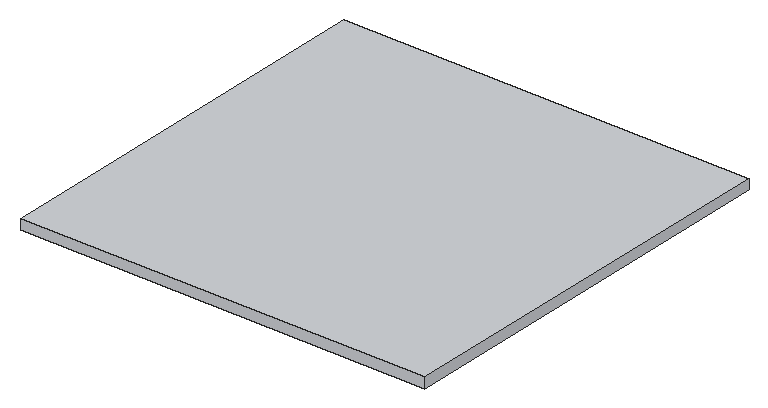
Revit family "26753", category Aparatos sanitarios, Revit 2017
Family settings
  Anfitrión = Cara
  Cota de conector redondo = Diámetro de uso
  Tipo de pieza = Normal
  Número OmniClass = 23.45.55.14
  Título OmniClass = Single Faucets
  Corte con vacíos al cargar = No
  Compartido = No
  Punto de cálculo de habitación = No
Parameters (values of type "26753")
  URL = "http://www.griferiasgalindo.com"
  Teléfono = "(+34) 915 782 575"
  TIPO DE AGUA = "Fria"
  REFERENCIA = "26753"
  Presión Máxima = "8 bar."
  PESO BRUTO = "1,100 Kg"
  Modelo = "PRESTO XT 2000 - UE Inox"
  Material = none
  Imagen de tipo = <Ninguno>
  Fabricante = "PRESTO IBÉRICA"
  Default Elevation = 1219.2 mm
  ENTRADA = "Con latiguillos flexibles de 1/2\""
  Descripción = "Grifo temporalizado de un agua para instalación mural y apertura por pulsador."
  Código de montaje = "C1030220"
  Contacto = "info@prestoiberica.com"
  Conexión AF = yes
  Conexión AC = no
  Comentarios de tipo = "Cuerpo y pulsador en latón. Piezas inferiores en matieriales resistentes a la corrosión e incrustaciones calcáreas. Cabeza intercambiable.Suministrado con llave de paso y caja para empotrar, latiguillos flexibles en acero inoxidable de  1/2\". Caudal regulabre en función de la presión."
  CIERRE = "Automático en 6 seg."
  CAUDAL = "15 l/min"
  Accionamiento = "Mediante pulsador"
Reference planes
  plane 1 "Centro (Frontal/Posterior)": y = 0
  plane 2: z = 0
  plane 3 "Centro (Izquierda/Derecha)": x = 0
Forms (mm)
  Extrusion 1, solid
    sketch origin (0, 0, 0) x (1, 0, 0) y (0, 1, 0)
      loop
        line (-100, 100) -> (-100, -100) -> (100, -100) -> (100, 100) -> (-100, 100)
    from 0 to -5
Dimensions and locks
  Extrusion 1 sketch curve to plane 1 "Centro (Frontal/Posterior)" = 100 mm
  aligned and locked: plane 2 to Extrusion 1
  aligned and locked: level to Extrusion 1
Connectors
  piping at (0, 69.2, -42.5), diameter 12.7
    settings: on import instance, index 1, connector inside diameter 609.6 mm, connector length 0 mm, flow factor 0, pipe flow 0.0 L/s, pressure drop 0.0 Pa, fitting loss kfactor 0, connector angle 0.00°, fixture units 0, engagement length 0 mm, angle of deflection 0.00°, flow configuration 0, flow direction 1, fitting loss method 0, system type 20, joint type 0, gender type 0, connector reference index -1, connector utility 0, adjustable connector no, is connector primary yes, connector description ""
